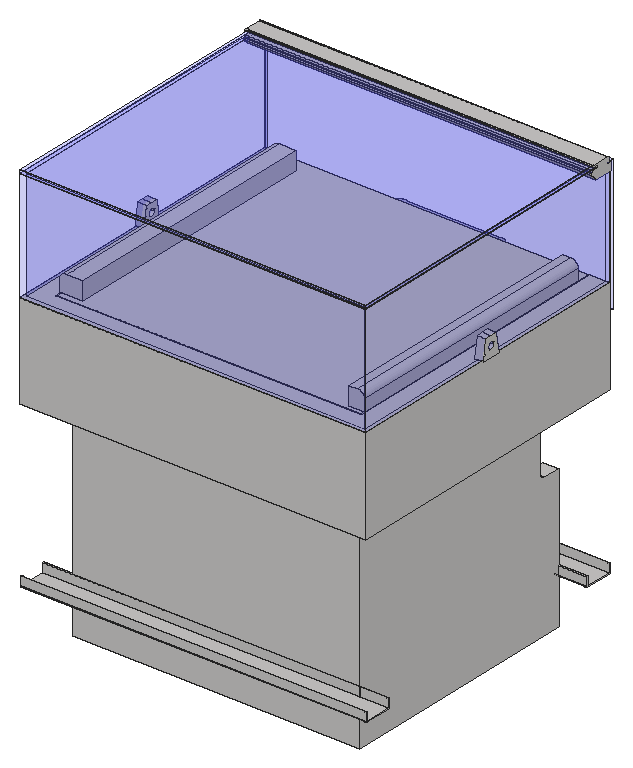
Revit family "Food-Service-Equipment_Oscartek_Gc900_cat", category Specialty Equipment, Revit 2026
Family settings
  Round Connector Dimension = Use Diameter
  Part Type = Normal
  Classification Number = 23.40.40.11.17
  Work Plane-Based = No
  Enable Cutting in Views = No
  Always vertical = Yes
  Cut with Voids When Loaded = No
  Maintain Annotation Orientation = No
  Shared = No
  Room Calculation Point = No
Parameters
  Width = 35 3/4"  # constant formula
  Weight in Pounds = 218
  Watts = 1100 W
  Waste Water Discharge Temperature [instance] = -459.67 °F
  Volts = 230 V
  URL Cutsheet = "www.oscartek.com"
  URL = "www.oscartek.com"
  Type Mark [instance] = ""
  Type Comments = "As Specified"
  Test Data = "http://www.oscartek.com/company/clients.php"
  Status [instance] = ""
  Specification by User [instance] = ""
  Specification by Manufacturer = ""
  Specification = "https://www.arcat.com/arcatcos/cos48/arc48760.html"
  Show Clearance [instance] = yes
  Serial Number = ""
  Seismic Rating = ""
  Sales Information = "http://www.oscartek.com/company/contact.php"
  SMACNA No = ""
  Revision Code [instance] = ""
  Revision = "R1_2018-10"
  Refrigerant Type [instance] = "R404A"
  Product Data = "http://www.oscartek.com/support/manuals/"
  Plumbing Remarks [instance] = ""
  Plumbing Connection Type [instance] = ""
  Phase = 1
  Omniclass Number and Title = ""
  Number of Poles [instance] = 1
  NAFEM Spec ID Number = ""
  Model = "GC900"
  Min Ckt Ampacity = 0 A
  Max Overcurrent Protection = 0 A
  Masterspec = ""
  Manufacturer Website = "http://www.oscartek.com/index.php"
  Manufacturer Phone - Toll Free = "855-885-2400"
  Manufacturer Phone = "650-342-2400"
  Manufacturer Fax = "650-342-7400"
  Manufacturer Address = "361 Beach Rd., Burlingame, CA 94010"
  Manufacturer = "OSCARTEK"
  Item Number [instance] = ""
  Installed By [instance] = ""
  Installation-Fabrication = "http://www.oscartek.com/support/manuals/"
  Indirect Waste Size = 1"
  Indirect Waste Flow [instance] = 0 GPM
  Indirect Waste Connection Type [instance] = ""
  Indirect Waste Connection Height = 0"
  Identify Quantity as Lot [instance] = yes
  HP = ""
  Green Building-LEED = "https://www.arcat.com/green/green_building.shtml"
  Furnished By [instance] = ""
  Foodservice Equipment Identifier [instance] = yes
  FL Amps = 5.8 A
  Electrical Remarks [instance] = ""
  Electric Connection Type [instance] = ""
  Elec Conn RI Height [instance] = 0"
  Elec Conn Connection Height [instance] = 0"
  Drawn By = "Sumex Design, Inc. / Robert S. Weygant, CSI, CDT, SCIP"
  Description = "GEM CHOCOLATE SHOWCASE"
  Default Elevation = 0"
  Cycle = 50 Hz
  Copyright = "©Arcat Inc."
  Construction Details = "http://www.oscartek.com/support/manuals/"
  Conn Plug = ""
  Conn Conduit = yes
  Category = ""
  CSI MasterFormat = "11 41 13"
  CSI Master Format = "Refrigerated Food Storage Cases"
  Building Codes = "https://www.arcat.com/arcatcos/cos48/arc48760.html"
  Apparent Power = if(Phase = 3, Volts * FL Amps * 1.73, Volts * FL Amps)  # 1334 VA
Reference planes (in)
  plane 1 "BACK": y = 0
  plane 2: z = 0
  plane 3 "LEFT": x = 0
  plane 4 "RIGHT": x = 35.75
  plane 5 "FRONT": y = -32.16529
  plane 6 "TOP": z = 43.5
  plane 7 "Center Y": x = 17.875
  plane 8 "Center X": y = -16.08265
  plane 9 "base": z = 21.75
Forms (in)
  Extrusion 1, solid, material "QF_Finishes_Stainless Steel"
    sketch origin (0, 0, 0) x (0, 1, 0) y (0, 0, 1)
      loop
        line (-0.55118, 31.73222) -> (-32.16529, 31.73222) -> (-32.16529, 21.85035) -> (-0.55118, 21.85035) -> (-0.55118, 31.73222)
    from 0 to 35.75
  Extrusion 2, solid, material "Glass"
    sketch origin (0, 0, 0) x (0, 1, 0) y (0, 0, 1)
      loop
        line (-0.3937, 29.05506) -> (-0.07874, 29.05506) -> (-0.07874, 43.03141) -> (-0.3937, 43.03141) -> (-0.3937, 29.05506)
      loop
        line (-32.16529, 43.22824) -> (-2.3622, 43.22824) -> (-2.3622, 43.54322) -> (-32.16529, 43.54322) -> (-32.16529, 43.22824)
    from 0 to 35.75
  Extrusion 3, solid, material "QF_Finishes_Stainless Steel"
    sketch origin (0, 0, 0) x (0, 1, 0) y (0, 0, 1)
      loop
        line (-29.09443, 21.85035) -> (-29.09443, 0.10433) -> (-3.47201, 0.10433) -> (-3.47201, 14.76375) -> (-5.27558, 14.76375)
        arc (-5.27558, 14.76375) -> (-5.69316, 14.93672) -> (-5.86613, 15.3543) r 0.59055
        line (-5.86613, 15.3543) -> (-5.86613, 21.85035) -> (-29.09443, 21.85035)
    from 3 to 32.74875
  Extrusion 4, solid, material "QF_Finishes_Stainless Steel"
    sketch origin (0, 0, 0) x (0, 1, 0) y (0, 0, 1)
      loop
        line (-3.44488, 4.91338) -> (-3.44488, 5.83857) -> (-3.50393, 5.83857) -> (-3.50393, 4.92125)
        arc (-3.50393, 4.92125) -> (-3.48433, 4.87392) -> (-3.437, 4.85432) r 0.06693
        line (-3.437, 4.85432) -> (-0.61811, 4.85432)
        arc (-0.61811, 4.85432) -> (-0.57078, 4.87392) -> (-0.55118, 4.92125) r 0.06693
        line (-0.55118, 4.92125) -> (-0.55118, 5.83857) -> (-0.61024, 5.83857) -> (-0.61024, 4.91338) -> (-3.44488, 4.91338)
      loop
        line (-29.15348, 4.91338) -> (-31.98812, 4.91338) -> (-31.98812, 5.83857) -> (-32.04718, 5.83857) -> (-32.04718, 4.92125)
        arc (-32.04718, 4.92125) -> (-32.02758, 4.87392) -> (-31.98025, 4.85432) r 0.06693
        line (-31.98025, 4.85432) -> (-29.16136, 4.85432)
        arc (-29.16136, 4.85432) -> (-29.11403, 4.87392) -> (-29.09443, 4.92125) r 0.06693
        line (-29.09443, 4.92125) -> (-29.09443, 5.83857) -> (-29.15348, 5.83857) -> (-29.15348, 4.91338)
    from 0 to 35.75
  Extrusion 5, solid, material "QF_Finishes_Stainless Steel"
    sketch origin (0, 0, 0) x (1, 0, 0) y (0, 0, 1)
      loop
        line (4.48227, 33.73418) -> (2.79527, 33.73418)
        arc (2.79527, 33.73418) -> (2.29417, 33.52662) -> (2.08661, 33.02552) r 0.70866
        line (2.08661, 33.02552) -> (2.08661, 31.84836) -> (4.48227, 31.84836) -> (4.48227, 33.73418)
      loop
        line (32.05513, 31.84836) -> (33.66339, 31.84836) -> (33.66339, 33.02552)
        arc (33.66339, 33.02552) -> (33.45583, 33.52662) -> (32.95473, 33.73418) r 0.70866
        line (32.95473, 33.73418) -> (32.05513, 33.73418) -> (32.05513, 31.84836)
    from 2.08661 to 29.64561
  Extrusion 6, solid, material "QF_Finishes_Stainless Steel"
    sketch origin (0, 0, 0) x (1, 0, 0) y (0, 1, 0)
      loop
        circle (7.32282, -5.82676) r 0.86945
      loop
        circle (28.42718, -5.82676) r 0.86945
      loop
        circle (7.32282, -25.90877) r 0.86945
      loop
        circle (28.42718, -25.90877) r 0.86945
    from 0 to 0.10433
  Extrusion 7, void
    sketch origin (0, 0, 0) x (1, 0, 0) y (0, 1, 0)
      loop
        line (2.06693, -0.55118) -> (2.06693, -30.09836) -> (33.66339, -30.09836) -> (33.66339, -0.55118) -> (33.53839, -0.55118) -> (33.53839, -29.97336) -> (2.19193, -29.97336) -> (2.19193, -0.55118) -> (2.06693, -0.55118)
    from 29.05506 to 31.73222
  Extrusion 8, void
    sketch origin (0, 0, 0) x (1, 0, 0) y (0, 0, 1)
      loop
        line (31.10434, 21.85035) -> (4.64566, 21.85035) -> (4.64566, 5.83857) -> (31.10434, 5.83857) -> (31.10434, 21.85035)
    from -3.46246 to 28.7271
  Revolve 9, solid, material "QF_Finishes_Stainless Steel"
    sketch origin (3.94544, -16.08265, 0) x (1, 0, 0) y (0, 0, 1)
      loop
        line (13.92956, 14.36808) -> (13.92956, 6.49408) -> (16.2341, 6.49408) -> (16.2341, 7.08463) -> (16.7572, 7.08463)
        arc (16.7572, 7.08463) -> (17.16803, 7.25095) -> (17.34745, 7.65624) r 0.59055
        line (17.34745, 7.65624) -> (17.53012, 10.59279) -> (17.67638, 10.71074) -> (17.67638, 11.14381) -> (17.5189, 11.14381) -> (17.38268, 13.64982)
        arc (17.38268, 13.64982) -> (17.27854, 13.88902) -> (17.05531, 14.02403) r 0.4301
        arc (17.05531, 14.02403) -> (16.40957, 14.2147) -> (15.74234, 14.3048) r 4.40829
        arc (15.74234, 14.3048) -> (14.83631, 14.34682) -> (13.92956, 14.36808) r 39.61484
      axis (13.92956, 6.49408) -> (13.92956, 14.36808)
    angle from 0 to 360
  Extrusion 10, solid, material "QF_Finishes_Stainless Steel"
    sketch origin (0, -28.7271, 0) x (-1, 0, 0) y (0, 0, 1)
      loop
        line (-31.10434, 20.97437) -> (-31.10434, 5.83857) -> (-7.4577, 5.83857) -> (-7.4577, 6.49408) -> (-23.5994, 6.49408) -> (-23.5994, 16.53343) -> (-27.1427, 16.53343) -> (-27.1427, 20.97437) -> (-31.10434, 20.97437)
    from 0 to 20
  Sweep 11, solid, material "QF_Finishes_Stainless Steel"
    path origin (0, -32.16529, 0) x (1, 0, 0) y (0, -1, 0)
      loop
        line (23.375, -32.08655) -> (23.375, -32.78781)
        arc (23.375, -32.78781) -> (23.22855, -33.14136) -> (22.875, -33.28781) r 0.5
        line (22.875, -33.28781) -> (12.875, -33.28781)
        arc (12.875, -33.28781) -> (12.52145, -33.14136) -> (12.375, -32.78781) r 0.5
        line (12.375, -32.78781) -> (12.375, -32.08655)
    profile origin (23.375, 0.27189, 0) x (-1, 0, 0) y (0, 0, 1)
      loop
        circle (-0.1693, 30.41135) r 0.19687
  Extrusion 12, solid, material "QF_Finishes_Stainless Steel"
    sketch origin (0, -32.16529, 0) x (0, -1, 0) y (0, 0, -1)
      loop
        line (-29.64561, -42.22432) -> (-31.61411, -42.22432) -> (-31.61411, -43.01172) -> (-31.0106, -43.01172)
        arc (-31.0106, -43.01172) -> (-31.04075, -43.01771) -> (-31.06631, -43.03479) r 0.07878
        line (-31.06631, -43.03479) -> (-31.21703, -43.18549)
        arc (-31.21703, -43.18549) -> (-31.2341, -43.21104) -> (-31.2401, -43.24118) r 0.07876
        line (-31.2401, -43.24118) -> (-31.2401, -43.60227)
        arc (-31.2401, -43.60227) -> (-31.21703, -43.65794) -> (-31.16136, -43.68101) r 0.07874
        line (-31.16136, -43.68101) -> (-29.33066, -43.68101)
        arc (-29.33066, -43.68101) -> (-29.27497, -43.65795) -> (-29.25191, -43.60227) r 0.07875
        line (-29.25191, -43.60227) -> (-29.25191, -43.54322) -> (-29.84246, -43.54322) -> (-29.84246, -43.20857) -> (-29.25191, -43.20857) -> (-29.25191, -43.01172) -> (-29.05506, -43.01172) -> (-29.05506, -42.81487) -> (-29.64561, -42.22432)
    from -0.125 to 35.87375
  Sweep 13, solid, material "Glass"
    path in 3D
      loop
        line (35.75, -0.55118, 31.73222) -> (35.75, -32.16529, 31.73222) -> (0, -32.16529, 31.73222) -> (0, -0.55118, 31.73222)
    profile origin (17.875, -32.16529, 31.73222) x (0, -1, 0) y (0, 0, 1)
      loop
        line (-0.3937, 0) -> (0, 0) -> (-0.00471, 11.4173) -> (-0.3937, 11.4173) -> (-0.3937, 0)
  Extrusion 14, solid, material "QF_Finishes_Drawer Clearance", visible <- "Show Clearance", detail levels coarse
    sketch origin (0, 0, 0) x (0, 1, 0) y (0, 0, 1)
      loop
        line (-0.07874, 29.05506) -> (23.46452, 29.05506) -> (23.46452, 43.03141) -> (-0.07874, 43.03141) -> (-0.07874, 29.05506)
    from 0 to 35.75
  Extrusion 15, solid, material "QF_Finishes_Stainless Steel"
    sketch origin (0, 0, 0) x (0, 1, 0) y (0, 0, 1)
      loop
        line (-15.08264, 31.73222) -> (-15.43564, 33.73418) -> (-16.08265, 33.73418) -> (-16.72965, 33.73418) -> (-17.08265, 31.73222) -> (-15.08264, 31.73222)
      loop
        circle (-16.08265, 32.79807) r 0.39284
    from -0.125 to 0.75
  Extrusion 16, solid, material "QF_Finishes_Stainless Steel"
    sketch origin (35.75, 0, 0) x (0, 1, 0) y (0, 0, 1)
      loop
        line (-15.08264, 31.73222) -> (-15.43564, 33.73418) -> (-16.08265, 33.73418) -> (-16.72965, 33.73418) -> (-17.08265, 31.73222) -> (-15.08264, 31.73222)
      loop
        circle (-16.08265, 32.79807) r 0.39284
    from 0.125 to -0.75
  Extrusion 17, solid, material "QF_Finishes_Stainless Steel"
    sketch origin (0, 0, 29.05506) x (1, 0, 0) y (0, 1, 0)
      loop
        circle (30.53873, -24.92022) r 0.64961
    from 0 to 1
  Extrusion 18, solid, material "QF_Finishes_Stainless Steel"
    sketch origin (0, -3.47201, 14.76375) x (0, 0, -1) y (-1, 0, 0)
      loop
        line (10.91245, -8.06424) -> (10.91245, -14.81424) -> (13.41245, -14.81424) -> (13.41245, -8.06424) -> (10.91245, -8.06424)
    from 0 to 1
  Extrusion 19, solid, material "QF_Finishes_Black"
    sketch origin (0, -3.47201, 14.76375) x (0, 0, -1) y (-1, 0, 0)
      loop
        line (13.58882, -29.63603) -> (14.08882, -29.63603) -> (14.08882, -26.63603) -> (13.58882, -26.63603) -> (13.58882, -29.63603)
      loop
        line (12.96382, -29.63603) -> (13.46382, -29.63603) -> (13.46382, -26.63603) -> (12.96382, -26.63603) -> (12.96382, -29.63603)
      loop
        line (12.33882, -29.63603) -> (12.83882, -29.63603) -> (12.83882, -26.63603) -> (12.33882, -26.63603) -> (12.33882, -29.63603)
      loop
        line (11.71382, -29.63603) -> (12.21382, -29.63603) -> (12.21382, -26.63603) -> (11.71382, -26.63603) -> (11.71382, -29.63603)
      loop
        line (11.08882, -29.63603) -> (11.58882, -29.63603) -> (11.58882, -26.63603) -> (11.08882, -26.63603) -> (11.08882, -29.63603)
      loop
        line (10.46382, -29.63603) -> (10.96382, -29.63603) -> (10.96382, -26.63603) -> (10.46382, -26.63603) -> (10.46382, -29.63603)
      loop
        line (13.58882, -26.13603) -> (14.08882, -26.13603) -> (14.08882, -23.13603) -> (13.58882, -23.13603) -> (13.58882, -26.13603)
      loop
        line (12.96382, -26.13603) -> (13.46382, -26.13603) -> (13.46382, -23.13603) -> (12.96382, -23.13603) -> (12.96382, -26.13603)
      loop
        line (12.33882, -26.13603) -> (12.83882, -26.13603) -> (12.83882, -23.13603) -> (12.33882, -23.13603) -> (12.33882, -26.13603)
      loop
        line (11.71382, -26.13603) -> (12.21382, -26.13603) -> (12.21382, -23.13603) -> (11.71382, -23.13603) -> (11.71382, -26.13603)
      loop
        line (11.08882, -26.13603) -> (11.58882, -26.13603) -> (11.58882, -23.13603) -> (11.08882, -23.13603) -> (11.08882, -26.13603)
      loop
        line (10.46382, -26.13603) -> (10.96382, -26.13603) -> (10.96382, -23.13603) -> (10.46382, -23.13603) -> (10.46382, -26.13603)
      loop
        line (13.58882, -22.63603) -> (14.08882, -22.63603) -> (14.08882, -19.63603) -> (13.58882, -19.63603) -> (13.58882, -22.63603)
      loop
        line (12.96382, -22.63603) -> (13.46382, -22.63603) -> (13.46382, -19.63603) -> (12.96382, -19.63603) -> (12.96382, -22.63603)
      loop
        line (12.33882, -22.63603) -> (12.83882, -22.63603) -> (12.83882, -19.63603) -> (12.33882, -19.63603) -> (12.33882, -22.63603)
      loop
        line (11.71382, -22.63603) -> (12.21382, -22.63603) -> (12.21382, -19.63603) -> (11.71382, -19.63603) -> (11.71382, -22.63603)
      loop
        line (11.08882, -22.63603) -> (11.58882, -22.63603) -> (11.58882, -19.63603) -> (11.08882, -19.63603) -> (11.08882, -22.63603)
      loop
        line (10.46382, -22.63603) -> (10.96382, -22.63603) -> (10.96382, -19.63603) -> (10.46382, -19.63603) -> (10.46382, -22.63603)
    from 0 to 0.125
Cuts and joins
  Extrusion 7, Extrusion 8 cuts Extrusion 3
  Extrusion 7 cuts Extrusion 6
  Extrusion 7, Extrusion 8 cuts Extrusion 1
  Extrusion 8 cuts Extrusion 4
Lines and regions (in)
  Split face 1
    outline origin (0, -2.47201, 14.76375) x (0, 0, -1) y (-1, 0, 0)
      loop
        line (11.56176, -14.24793) -> (12.81176, -14.24793) -> (12.81176, -8.74793) -> (11.56176, -8.74793) -> (11.56176, -14.24793)
  sketch lines
    curve 1: line (35.75, -32.16529, 31.73222) -> (0, -32.16529, 31.73222)
    curve 2: line (0, -32.16529, 31.73222) -> (0, -0.55118, 31.73222)
    curve 3: line (35.75, -0.55118, 31.73222) -> (35.75, -32.16529, 31.73222)
  symbolic lines
    curve 4: line (0, -0.55118, 0) -> (35.75, -0.55118, 0)
    curve 5: line (0, -32.16529, 0) -> (0, -0.21077, 0)
    curve 6: line (35.75, -2.91338, 0) -> (0, -2.91338, 0)
    curve 7: line (35.3563, -31.77159, 0) -> (0.3937, -31.77159, 0)
    curve 8: line (0.3937, -31.77159, 0) -> (0.3937, -2.91338, 0)
    curve 9: line (35.3563, -2.91338, 0) -> (35.3563, -31.77159, 0)
    curve 10: line (0, -32.16529, 0) -> (35.75, -32.16529, 0)
    curve 11: line (35.75, -32.16529, 0) -> (35.75, -0.21383, 0)
    curve 12: line (0, -0.3937, 0) -> (35.75, -0.3937, 0)
    curve 13: line (35.75, -0.21383, 0) -> (35.75, -0.07874, 0)
    curve 14: line (35.75, -0.07874, 0) -> (0, -0.07874, 0)
    curve 15: line (0, -0.07874, 0) -> (0, -0.21077, 0)
    curve 31: line (12.89805, 1.499, 0) -> (22.85156, 1.499, 0)
    curve 32: line (12, -0.07874, 0) -> (12, 0.60095, 0)
    curve 33: line (23.75, 0.60056, 0) -> (23.75, -0.07874, 0)
    curve 34: arc (12.89805, 1.499, 0) -> (12.26303, 1.23597, 0) -> (12, 0.60095, 0) r 0.89805
    curve 35: arc (22.85156, 1.499, 0) -> (23.48685, 1.23585, 0) -> (23.75, 0.60056, 0) r 0.89844
    curve 36: line (12.40234, -0.07874, 0) -> (12.40234, 0.60095, 0)
    curve 37: arc (12.89805, 1.09665, 0) -> (12.54753, 0.95147, 0) -> (12.40234, 0.60095, 0) r 0.4957
    curve 38: line (12.89805, 1.09665, 0) -> (22.85156, 1.09665, 0)
    curve 39: arc (22.85156, 1.09665, 0) -> (23.20235, 0.95135, 0) -> (23.34766, 0.60056, 0) r 0.49609
    curve 40: line (23.34766, 0.60056, 0) -> (23.34766, -0.07874, 0)
  symbolic lines, style "QF_Drawer Clearance"
    curve 16: line (0, 23.46452, 0) -> (0, -0.07874, 0)
    curve 17: line (35.75, 23.46452, 0) -> (0, 23.46452, 0)
    curve 18: line (35.75, -0.07874, 0) -> (35.75, 23.46452, 0)
  symbolic lines, style "QF-Surface Details"
    curve 19: line (7.51202, -11.43694, 0) -> (10.694, -8.25496, 0)
    curve 20: line (7.18155, -12.87762, 0) -> (12.1313, -7.92787, 0)
    curve 21: line (8.77423, -12.69916, 0) -> (12.13299, -9.3404, 0)
    curve 22: line (25.30241, -11.43694, 0) -> (28.48439, -8.25496, 0)
    curve 23: line (24.97194, -12.87762, 0) -> (29.92169, -7.92787, 0)
    curve 24: line (26.56462, -12.69916, 0) -> (29.92338, -9.3404, 0)
    curve 25: line (7.51202, -24.18694, 0) -> (10.694, -21.00496, 0)
    curve 26: line (7.18155, -25.62762, 0) -> (12.1313, -20.67787, 0)
    curve 27: line (8.77423, -25.44916, 0) -> (12.13299, -22.0904, 0)
    curve 28: line (25.30241, -24.18694, 0) -> (28.48439, -21.00496, 0)
    curve 29: line (24.97194, -25.62762, 0) -> (29.92169, -20.67787, 0)
    curve 30: line (26.56462, -25.44916, 0) -> (29.92338, -22.0904, 0)
Dimensions and locks (in)
  equal spacing: plane 3 "LEFT", plane 7 "Center Y", plane 4 "RIGHT"
  "Width": plane 3 "LEFT" to plane 4 "RIGHT"
  equal spacing: plane 5 "FRONT", plane 8 "Center X", plane 1 "BACK"
  plane 5 "FRONT" to plane 1 "BACK" = 32.16529"
  plane 6 "TOP" to level = 43 1/2"
  plane 9 "base" to level = 21 3/4"
  locked: plane 4 "RIGHT" to cut or joined group of Extrusion 3, Extrusion 7, Extrusion 8 at 3.00125
  locked: Extrusion 12 to plane 4 "RIGHT" at 0.12375
  locked: plane 4 "RIGHT" to Extrusion 10 at 4.64566
  plane 4 "RIGHT" to Extrusion 5 sketch curve to Extrusion 5 sketch curve = 2.08661" locked, 1.60826" locked
  locked: Revolve 9 sketch curve to plane 7 "Center Y" at 3.74682
  Extrusion 10 sketch curve to plane 7 "Center Y" to Extrusion 10 sketch curve to Extrusion 10 sketch curve = 10.4173" locked, 5.7244" locked, 3.5433" locked
  aligned and locked: level to plane 2
  aligned and locked: plane 4 "RIGHT" to Extrusion 1
  aligned and locked: plane 4 "RIGHT" to Extrusion 2
  aligned and locked: plane 4 "RIGHT" to Extrusion 4
  aligned and locked: plane 4 "RIGHT" to Extrusion 14
Automatic sketch dimensions
  Extrusion 1 sketch curve to plane 5 "FRONT" = 0"
  plane 9 "base" to Extrusion 1 sketch curve = 0.10035"
  plane 1 "BACK" to Extrusion 1 sketch curve = 0.55118"
  Extrusion 1 sketch curve to Extrusion 1 sketch curve = 9.88187"  (x2)
  Extrusion 2 sketch curve to plane 5 "FRONT" = 0"
  plane 6 "TOP" to Extrusion 2 sketch curve = 0.04322"  (x2)
  plane 1 "BACK" to Extrusion 2 sketch curve = 2.3622"
  plane 1 "BACK" to Extrusion 2 sketch curve = 0.3937"
  plane 1 "BACK" to Extrusion 2 sketch curve = 0.07874"
  Extrusion 2 sketch curve to plane 6 "TOP" = 0.27176"  (x2)
  Extrusion 2 sketch curve to plane 6 "TOP" = 0.46859"
  plane 9 "base" to Extrusion 2 sketch curve = 7.30506"
  level to Extrusion 3 sketch curve = 0.10433"
  Extrusion 3 sketch curve to plane 5 "FRONT" = 3.07086"
  plane 9 "base" to Extrusion 3 sketch curve = 0.10035"
  plane 1 "BACK" to Extrusion 3 sketch curve = 5.86613"
  Extrusion 3 sketch curve to Extrusion 3 sketch curve = 0.59055"
  Extrusion 3 sketch curve to Extrusion 3 sketch curve = 1.80357"
  Extrusion 3 sketch curve to plane 9 "base" = 6.98625"
  Extrusion 4 sketch curve to plane 5 "FRONT" = 0.11811"
  Extrusion 4 sketch curve to Extrusion 4 sketch curve = 0.05906"  (x7)
  Extrusion 4 sketch curve to Extrusion 4 sketch curve = 0.00787"  (x9)
  Extrusion 4 sketch curve to Extrusion 4 sketch curve = 2.81889"
  plane 1 "BACK" to Extrusion 4 sketch curve = 3.50393"
  Extrusion 4 sketch curve to Extrusion 4 sketch curve = 0"
  plane 1 "BACK" to Extrusion 4 sketch curve = 0.61811"
  plane 1 "BACK" to Extrusion 4 sketch curve = 0.61024"
  level to Extrusion 4 sketch curve = 4.85432"  (x2)
  Extrusion 4 sketch curve to Extrusion 4 sketch curve = 0.91732"  (x4)
  plane 3 "LEFT" to Extrusion 5 sketch curve = 4.48227"
  Extrusion 5 sketch curve to Extrusion 5 sketch curve = 1.687"
  Extrusion 5 sketch curve to Extrusion 5 sketch curve = 0.70866"
  Extrusion 5 sketch curve to Extrusion 5 sketch curve = 0.8996"
  plane 9 "base" to Extrusion 5 sketch curve = 10.09836"  (x2)
  Extrusion 5 sketch curve to Extrusion 5 sketch curve = 0"  (x2)
  Extrusion 5 sketch curve to Extrusion 5 sketch curve = 1.17716"  (x2)
  plane 3 "LEFT" to Extrusion 6 sketch curve = 7.32282"  (x2)
  Extrusion 6 sketch curve to plane 4 "RIGHT" = 7.32282"  (x2)
  Extrusion 6 sketch curve to plane 5 "FRONT" = 6.25652"  (x2)
  plane 1 "BACK" to Extrusion 6 sketch curve = 5.82676"  (x2)
  plane 3 "LEFT" to Extrusion 7 sketch curve = 2.06693"
  Extrusion 7 sketch curve to Extrusion 7 sketch curve = 1/8"  (x3)
  Extrusion 7 sketch curve to plane 4 "RIGHT" = 2.21161"
  Extrusion 7 sketch curve to plane 5 "FRONT" = 2.06693"
  plane 1 "BACK" to Extrusion 7 sketch curve = 0.55118"  (x2)
  plane 9 "base" to Extrusion 8 sketch curve = 0.10035"
  plane 3 "LEFT" to Extrusion 8 sketch curve = 4.64566"
  Extrusion 8 sketch curve to plane 4 "RIGHT" = 4.64566"
  level to Extrusion 8 sketch curve = 5.83857"
  Revolve 9 sketch curve to plane 7 "Center Y" = 0"  (x2)
  Revolve 9 sketch curve to plane 7 "Center Y" = 0.47524"
  plane 7 "Center Y" to Revolve 9 sketch curve = 1.55817"
  plane 7 "Center Y" to Revolve 9 sketch curve = 1.81278"
  Revolve 9 sketch curve to Revolve 9 sketch curve = 0"  (x2)
  Revolve 9 sketch curve to Revolve 9 sketch curve = 2.30455"
  Revolve 9 sketch curve to Revolve 9 sketch curve = 0.5231"
  Revolve 9 sketch curve to Revolve 9 sketch curve = 1.21249"
  Revolve 9 sketch curve to Revolve 9 sketch curve = 0.10048"
  Revolve 9 sketch curve to Revolve 9 sketch curve = 0.59025"
  Revolve 9 sketch curve to Revolve 9 sketch curve = 0.42785"
  Revolve 9 sketch curve to Revolve 9 sketch curve = 0.15748"
  Revolve 9 sketch curve to Revolve 9 sketch curve = 0.14626"
  Revolve 9 sketch curve to level = 25.24391"
  level to Revolve 9 sketch curve = 6.49408"
  Revolve 9 sketch curve to Revolve 9 sketch curve = 0.59055"
  Revolve 9 sketch curve to Revolve 9 sketch curve = 0.57161"
  Revolve 9 sketch curve to Revolve 9 sketch curve = 2.22869"
  Revolve 9 sketch curve to Revolve 9 sketch curve = 0.68892"
  Revolve 9 sketch curve to Revolve 9 sketch curve = 0.11795"
  Revolve 9 sketch curve to Revolve 9 sketch curve = 0.43307"
  Revolve 9 sketch curve to Revolve 9 sketch curve = 0.4182"
  Revolve 9 sketch curve to Revolve 9 sketch curve = 1"
  Extrusion 10 sketch curve to Extrusion 8 = 0"  (x2)
  Extrusion 10 sketch curve to Extrusion 10 sketch curve = 0.65551"
  Extrusion 10 sketch curve to Extrusion 8 = 5.31692"
  Extrusion 10 sketch curve to Extrusion 8 = 0.87598"
  Sweep 11 sketch curve to plane 1 "BACK" = 0.07874"  (x2)
  plane 7 "Center Y" to Sweep 11 sketch curve = 5 1/2"
  Sweep 11 sketch curve to Sweep 11 sketch curve = 1/2"  (x2)
  plane 1 "BACK" to Sweep 11 sketch curve = 0.62252"
  Sweep 11 sketch curve to plane 7 "Center Y" = 5"
  profile plane to Sweep 11 sketch curve = 0.1693"
  level to Sweep 11 sketch curve = 30.41135"
  Extrusion 12 sketch curve to plane 1 "BACK" = 0.55118"
  Extrusion 12 sketch curve to plane 6 "TOP" = 0.10227"
  Extrusion 12 sketch curve to Extrusion 12 sketch curve = 0.37401"
  Extrusion 12 sketch curve to Extrusion 12 sketch curve = 0"  (x7)
  plane 6 "TOP" to Extrusion 12 sketch curve = 0.31451"
  Extrusion 12 sketch curve to Extrusion 12 sketch curve = 0.02307"
  Extrusion 12 sketch curve to Extrusion 12 sketch curve = 0.07874"  (x2)
  Extrusion 12 sketch curve to Extrusion 12 sketch curve = 0.05569"  (x2)
  Extrusion 12 sketch curve to Extrusion 12 sketch curve = 0.15072"
  Extrusion 12 sketch curve to Extrusion 12 sketch curve = 0.0557"
  plane 6 "TOP" to Extrusion 12 sketch curve = 0.29143"
  Extrusion 12 sketch curve to Extrusion 12 sketch curve = 1.16814"
  Extrusion 12 sketch curve to Extrusion 12 sketch curve = 0.19685"  (x4)
  Extrusion 12 sketch curve to plane 6 "TOP" = 0.18101"
  Extrusion 12 sketch curve to Extrusion 12 sketch curve = 0.5118"
  Extrusion 12 sketch curve to Extrusion 12 sketch curve = 0.07875"
  Extrusion 12 sketch curve to plane 6 "TOP" = 0.04322"
  Extrusion 12 sketch curve to Extrusion 12 sketch curve = 0.15068"
  Extrusion 12 sketch curve to Extrusion 12 sketch curve = 0.05571"
  Extrusion 12 sketch curve to Extrusion 12 sketch curve = 0.59055"
  Extrusion 12 sketch curve to Extrusion 12 sketch curve = 0.05905"
  Sweep 13 sketch curve to profile plane = 0"
  profile plane to Sweep 13 sketch curve = 0.00471"
  profile plane to Sweep 13 sketch curve = 0"
  Sweep 13 sketch curve to Sweep 13 sketch curve = 0.3937"
  Sweep 13 sketch curve to Sweep 13 sketch curve = 0.38899"
  Sweep 13 sketch curve to Sweep 13 sketch curve = 11.4173"
  plane 1 "BACK" to Extrusion 14 sketch curve = 0.07874"
  Extrusion 14 sketch curve to plane 6 "TOP" = 0.46859"
  Extrusion 14 sketch curve to plane 1 "BACK" = 23.46452"
  plane 9 "base" to Extrusion 14 sketch curve = 7.30506"
  Extrusion 15 sketch curve to plane 8 "Center X" = 0"  (x2)
  Extrusion 15 sketch curve to plane 8 "Center X" = 0.647"
  Extrusion 15 sketch curve to plane 8 "Center X" = 1"
  Extrusion 15 sketch curve to Extrusion 15 sketch curve = 0.647"
  plane 8 "Center X" to Extrusion 15 sketch curve = 1"
  plane 9 "base" to Extrusion 15 sketch curve = 9.98222"
  Extrusion 15 sketch curve to Extrusion 15 sketch curve = 1.06585"
  Extrusion 15 sketch curve to Extrusion 15 sketch curve = 0.93612"
  Extrusion 16 sketch curve to plane 8 "Center X" = 0"  (x2)
  Extrusion 16 sketch curve to plane 8 "Center X" = 0.647"
  Extrusion 16 sketch curve to plane 8 "Center X" = 1"
  Extrusion 16 sketch curve to Extrusion 16 sketch curve = 0.647"
  plane 8 "Center X" to Extrusion 16 sketch curve = 1"
  plane 9 "base" to Extrusion 16 sketch curve = 9.98222"
  Extrusion 16 sketch curve to Extrusion 16 sketch curve = 1.06585"
  Extrusion 16 sketch curve to Extrusion 16 sketch curve = 0.93612"
  Extrusion 7 to Extrusion 17 sketch curve = 2.99966"
  Extrusion 7 to Extrusion 17 sketch curve = 5.05314"
  Extrusion 3 to Extrusion 18 sketch curve = 3.74697"
  Extrusion 3 to Extrusion 18 sketch curve = 1.24697"
  Extrusion 3 to Extrusion 18 sketch curve = 11.81424"
  Extrusion 3 to Extrusion 18 sketch curve = 5.06424"
  Split face 1 sketch curve to Extrusion 18 = 0.64932"
  Split face 1 sketch curve to Extrusion 18 = 0.60068"
  Split face 1 sketch curve to Extrusion 18 = 0.56632"
  Split face 1 sketch curve to Extrusion 18 = 0.68368"
  curve 34 to curve 37 = 0"  (x2)
  curve 35 to curve 39 = 0"  (x2)
  curve 10 to plane 3 "LEFT" = 0"
  curve 13 to plane 4 "RIGHT" = 0"
  plane 5 "FRONT" to curve 11 = 0"
  plane 3 "LEFT" to curve 8 = 0.3937"
  plane 8 "Center X" to curve 20 = 3.20502"
  plane 3 "LEFT" to curve 20 = 7.18155"
  plane 3 "LEFT" to curve 26 = 7.18155"
  curve 26 to curve 25 = 0.33047"
  curve 20 to curve 19 = 0.33047"
  plane 8 "Center X" to curve 21 = 3.38349"
  curve 20 to curve 21 = 1.59268"
  curve 26 to curve 27 = 1.59268"
  curve 19 to curve 19 = 3.18198"
  curve 25 to curve 25 = 3.18198"
  plane 1 "BACK" to curve 32 = 0.07874"
  curve 32 to plane 7 "Center Y" = 5 7/8"
  curve 19 to curve 20 = 1.4373"
  curve 25 to curve 26 = 1.4373"
  curve 20 to curve 21 = 0.00169"
  curve 26 to curve 27 = 0.00169"
  curve 32 to curve 36 = 103/256"
  curve 37 to curve 38 = 0.4957"
  curve 31 to plane 1 "BACK" = 1.499"
  plane 7 "Center Y" to curve 31 = 4 125/128"
  curve 35 to curve 39 = 127/256"
  plane 8 "Center X" to curve 23 = 3.20502"
  plane 7 "Center Y" to curve 23 = 7.09694"
  plane 7 "Center Y" to curve 29 = 7.09694"
  curve 23 to curve 22 = 0.33047"
  curve 29 to curve 28 = 0.33047"
  plane 8 "Center X" to curve 24 = 3.38349"
  curve 23 to curve 24 = 1.59268"
  curve 29 to curve 30 = 1.59268"
  curve 22 to curve 22 = 3.18198"
  curve 28 to curve 28 = 3.18198"
  curve 28 to curve 29 = 1.4373"
  curve 22 to curve 23 = 1.4373"
  curve 29 to curve 30 = 0.00169"
  curve 23 to curve 24 = 0.00169"
  curve 9 to plane 4 "RIGHT" = 0.3937"
  curve 9 to plane 5 "FRONT" = 0.3937"
  curve 29 to plane 5 "FRONT" = 6.53767"
  curve 26 to plane 5 "FRONT" = 6.53767"
  curve 26 to curve 27 = 0.17847"
  curve 29 to curve 30 = 0.17847"
  curve 26 to curve 25 = 1.44068"
  curve 29 to curve 28 = 1.44068"
  curve 27 to curve 27 = 3.35876"
  curve 30 to curve 30 = 3.35876"
  curve 30 to curve 28 = 1.08544"
  curve 27 to curve 25 = 1.08544"
  curve 27 to curve 26 = 1.41252"
  curve 30 to curve 29 = 1.41252"
  curve 23 to curve 22 = 1.44068"
  curve 20 to curve 19 = 1.44068"
  curve 24 to curve 24 = 3.35876"
  curve 21 to curve 21 = 3.35876"
  curve 21 to curve 19 = 1.08544"
  curve 24 to curve 22 = 1.08544"
  curve 21 to curve 20 = 1.41252"
  curve 24 to curve 23 = 1.41252"
  curve 8 to curve 14 = 2.83464"
  curve 4 to curve 13 = 0.47244"
  curve 4 to curve 12 = 0.15748"
  curve 13 to curve 13 = 0.13509"
  curve 5 to curve 14 = 0.13203"
  curve 17 to plane 1 "BACK" = 23.46452"
  Extrusion 19 sketch curve to Extrusion 19 sketch curve = 0"  (x27)
  Extrusion 19 sketch curve to Extrusion 19 sketch curve = 1/2"  (x25)
  Extrusion 19 sketch curve to Extrusion 19 sketch curve = 1/8"  (x15)
  Extrusion 19 sketch curve to Extrusion 19 sketch curve = 3"  (x3)
  plane 7 "Center Y" to Extrusion 19 sketch curve = 1.76103"
  level to Extrusion 19 sketch curve = 4.29993"
  radius of Extrusion 6 sketch curve = 0.86945"  (x4)
  radius of Sweep 11 sketch curve = 0.19687"
  radius of Extrusion 15 sketch curve = 0.39284"
  radius of Extrusion 16 sketch curve = 0.39284"
  radius of Extrusion 17 sketch curve = 0.64961"
Connectors (in)
  piping at (30.53873, -24.92022, 29.05506), diameter 1
    settings: on Extrusion 17, index 1, connector inside diameter 1", connector length 0", flow factor 0, pipe flow 0 GPM, pressure drop 0.00 psi, fitting loss kfactor 0, connector angle 0.00°, fixture units 0, engagement length 0", angle of deflection 0.00°, flow configuration 1, flow direction 2, fitting loss method 0, system type 16, joint type 0, gender type 0, connector reference index -1, connector utility 0, adjustable connector no, is connector primary yes, connector description "Drain"
  electrical at (11.43924, -3.47201, 2.6013), driven by "Volts", driven by "Watts"
    settings: on Extrusion 18, index 2, voltage 230 V, apparent load 1100 VA, apparent load phase1 0 VA, apparent load phase2 0 VA, apparent load phase3 0 VA, power factor 1, load classification "Other", number of poles 1, system type 30, power factor state 1, is connector primary yes, connector utility no, sub classification motor no, connector description "Electrical Connection"
